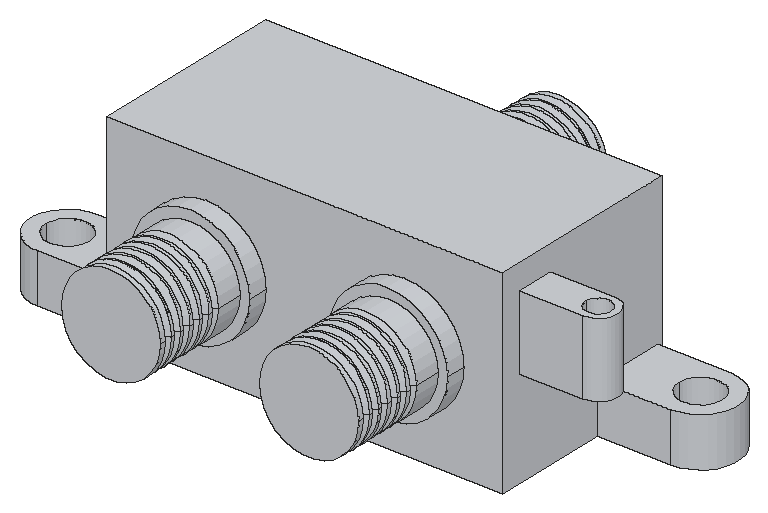
Revit family "Repetidor 204 ", category Aparatos eléctricos, Revit 2019 (continued)
Automatic sketch dimensions
  curve 89 to curve 104 = 0.156 mm
  curve 104 to curve 94 = 0.155 mm
  curve 84 to curve 87 = 0.343 mm
  curve 87 to curve 103 = 0.398 mm
  curve 110 to curve 108 = 0.154 mm
  curve 107 to curve 104 = 0.427 mm
  curve 107 to curve 105 = 0.436 mm
  curve 104 to curve 110 = 0.091 mm
  curve 115 to curve 115 = 0.038 mm
  curve 107 to curve 107 = 0.594 mm
  curve 107 to curve 112 = 0.109 mm
  curve 112 to curve 113 = 1.055 mm
  curve 106 to curve 89 = 0.218 mm
  curve 90 to curve 92 = 0.279 mm
  curve 93 to curve 86 = 0.647 mm
  curve 85 to curve 82 = 0.631 mm
  curve 83 to curve 80 = 0.081 mm
  curve 81 to curve 85 = 0.511 mm
  curve 84 to curve 103 = 0.00 mm
  curve 84 to curve 98 = 0.224 mm
  curve 83 to curve 99 = 0.723 mm
  curve 88 to curve 101 = 0.343 mm
  curve 467 to curve 487 = 0.00 mm  (x2)
  curve 469 to curve 484 = 0.00 mm  (x2)
  curve 492 to curve 492 = 0.156 mm
  curve 479 to curve 467 = 0.739 mm
  curve 492 to curve 499 = 0.673 mm
  curve 498 to curve 494 = 0.262 mm
  curve 467 to curve 470 = 0.885 mm
  curve 470 to curve 486 = 0.109 mm
  curve 494 to curve 498 = 0.594 mm
  curve 494 to curve 497 = 0.00 mm
  curve 494 to curve 500 = 0.615 mm
  curve 500 to curve 501 = 0.056 mm
  curve 482 to curve 484 = 0.427 mm
  curve 493 to curve 495 = 0.46 mm
  curve 495 to curve 502 = 0.038 mm
  curve 502 to curve 497 = 0.038 mm
  curve 469 to curve 483 = 0.427 mm
  curve 483 to curve 485 = 0.109 mm
  curve 468 to curve 489 = 0.107 mm
  curve 493 to curve 477 = 1.374 mm
  curve 468 to curve 472 = 0.508 mm
  curve 476 to curve 491 = 0.156 mm
  curve 491 to curve 481 = 0.155 mm
  curve 471 to curve 474 = 0.343 mm
  curve 474 to curve 490 = 0.398 mm
  curve 497 to curve 495 = 0.154 mm
  curve 494 to curve 491 = 0.427 mm
  curve 494 to curve 492 = 0.436 mm
  curve 491 to curve 497 = 0.091 mm
  curve 502 to curve 502 = 0.038 mm
  curve 494 to curve 494 = 0.594 mm
  curve 494 to curve 499 = 0.109 mm
  curve 499 to curve 500 = 1.055 mm
  curve 493 to curve 476 = 0.218 mm
  curve 477 to curve 479 = 0.279 mm
  curve 480 to curve 473 = 0.647 mm
  curve 472 to curve 469 = 0.631 mm
  curve 470 to curve 467 = 0.081 mm
  curve 468 to curve 472 = 0.511 mm
  curve 471 to curve 490 = 0.00 mm
  curve 471 to curve 485 = 0.224 mm
  curve 470 to curve 486 = 0.723 mm
  curve 475 to curve 488 = 0.343 mm
  curve 66 to curve 69 = 0.11 mm
  curve 55 to curve 65 = 0.506 mm
  curve 65 to curve 79 = 0.148 mm
  curve 55 to curve 73 = 0.659 mm
  curve 73 to curve 71 = 0.265 mm
  curve 79 to curve 54 = 0.234 mm
  curve 62 to curve 62 = 0.148 mm
  curve 61 to curve 53 = 0.043 mm
  curve 61 to curve 63 = 0.08 mm
  curve 63 to curve 46 = 0.08 mm
  curve 59 to curve 72 = 0.601 mm
  curve 59 to curve 72 = 0.00 mm
  curve 59 to curve 74 = 0.625 mm
  curve 75 to curve 76 = 0.055 mm
  curve 46 to curve 52 = 0.211 mm
  curve 62 to curve 46 = 0.582 mm
  curve 47 to curve 52 = 0.187 mm
  curve 58 to curve 60 = 0.468 mm
  curve 77 to curve 77 = 0.039 mm  (x2)
  curve 64 to curve 64 = 0.09 mm
  curve 77 to curve 72 = 0.039 mm
  curve 52 to curve 47 = 0.125 mm
  curve 52 to curve 50 = 0.578 mm
  curve 50 to curve 49 = 0.155 mm
  curve 50 to curve 48 = 0.283 mm
  curve 49 to curve 48 = 0.156 mm
  curve 48 to curve 56 = 0.515 mm
  curve 57 to curve 70 = 0.11 mm
  curve 51 to curve 54 = 0.00 mm
  curve 62 to curve 46 = 0.087 mm
  curve 46 to curve 47 = 0.137 mm
  curve 47 to curve 52 = 0.199 mm
  curve 64 to curve 64 = 0.042 mm
  curve 64 to curve 63 = 0.629 mm
  curve 63 to curve 53 = 0.074 mm
  curve 63 to curve 54 = 0.198 mm
  curve 52 to curve 50 = 0.03 mm
  curve 49 to curve 48 = 0.007 mm
  curve 54 to curve 79 = 0.17 mm
  curve 79 to curve 67 = 0.368 mm
  curve 68 to curve 56 = 0.22 mm
  curve 52 to curve 73 = 1.265 mm
  curve 72 to curve 60 = 0.155 mm
  curve 59 to curve 72 = 0.524 mm
  curve 59 to curve 59 = 0.601 mm
  curve 71 to curve 75 = 0.11 mm
  curve 72 to curve 57 = 0.344 mm
  curve 73 to curve 55 = 0.166 mm
  curve 74 to curve 76 = 0.792 mm
  curve 453 to curve 456 = 0.11 mm
  curve 442 to curve 452 = 0.506 mm
  curve 452 to curve 466 = 0.148 mm
  curve 442 to curve 460 = 0.659 mm
  curve 460 to curve 458 = 0.265 mm
  curve 466 to curve 441 = 0.234 mm
  curve 449 to curve 449 = 0.148 mm
  curve 448 to curve 440 = 0.043 mm
  curve 448 to curve 450 = 0.08 mm
  curve 450 to curve 433 = 0.08 mm
  curve 446 to curve 459 = 0.601 mm
  curve 446 to curve 459 = 0.00 mm
  curve 446 to curve 461 = 0.625 mm
  curve 462 to curve 463 = 0.055 mm
  curve 433 to curve 439 = 0.211 mm
  curve 449 to curve 433 = 0.582 mm
  curve 434 to curve 439 = 0.187 mm
  curve 445 to curve 447 = 0.468 mm
  curve 464 to curve 464 = 0.039 mm  (x2)
  curve 451 to curve 451 = 0.09 mm
  curve 464 to curve 459 = 0.039 mm
  curve 439 to curve 434 = 0.125 mm
  curve 439 to curve 437 = 0.578 mm
  curve 437 to curve 436 = 0.155 mm
  curve 437 to curve 435 = 0.283 mm
  curve 436 to curve 435 = 0.156 mm
  curve 435 to curve 443 = 0.515 mm
  curve 444 to curve 457 = 0.11 mm
  curve 438 to curve 441 = 0.00 mm
  curve 449 to curve 433 = 0.087 mm
  curve 433 to curve 434 = 0.137 mm
  curve 434 to curve 439 = 0.199 mm
  curve 451 to curve 451 = 0.042 mm
  curve 451 to curve 450 = 0.629 mm
  curve 450 to curve 440 = 0.074 mm
  curve 450 to curve 441 = 0.198 mm
  curve 439 to curve 437 = 0.03 mm
  curve 436 to curve 435 = 0.007 mm
  curve 441 to curve 466 = 0.17 mm
  curve 466 to curve 454 = 0.368 mm
  curve 455 to curve 443 = 0.22 mm
  curve 439 to curve 460 = 1.265 mm
  curve 459 to curve 447 = 0.155 mm
  curve 446 to curve 459 = 0.524 mm
  curve 446 to curve 446 = 0.601 mm
  curve 458 to curve 462 = 0.11 mm
  curve 459 to curve 444 = 0.344 mm
  curve 460 to curve 442 = 0.166 mm
  curve 461 to curve 463 = 0.792 mm
  curve 232 to curve 228 = 0.00 mm
  curve 232 to curve 40 = 0.016 mm
  curve 228 to curve 225 = 0.302 mm
  curve 39 to curve 35 = 0.601 mm
  curve 225 to curve 225 = 0.436 mm
  curve 224 to curve 231 = 0.17 mm
  curve 230 to curve 234 = 0.038 mm
  curve 224 to curve 235 = 0.306 mm
  curve 234 to curve 223 = 0.075 mm
  curve 223 to curve 235 = 0.439 mm
  curve 235 to curve 238 = 0.289 mm
  curve 35 to curve 116 = 1.351 mm
  curve 238 to curve 237 = 0.16 mm
  curve 238 to curve 239 = 0.299 mm
  curve 236 to curve 247 = 0.215 mm
  curve 241 to curve 241 = 0.441 mm
  curve 45 to curve 42 = 0.99 mm
  curve 42 to curve 44 = 0.019 mm
  curve 43 to curve 34 = 1.158 mm
  curve 34 to curve 40 = 0.037 mm
  curve 242 to curve 243 = 0.376 mm
  curve 244 to curve 248 = 0.436 mm
  curve 245 to curve 251 = 0.175 mm
  curve 251 to curve 253 = 0.278 mm
  curve 251 to curve 252 = 0.298 mm
  curve 251 to curve 250 = 0.311 mm
  curve 250 to curve 257 = 0.096 mm
  curve 253 to curve 253 = 0.575 mm
  curve 254 to curve 254 = 0.011 mm
  curve 254 to curve 255 = 0.011 mm
  curve 255 to curve 264 = 0.298 mm
  curve 253 to curve 260 = 0.51 mm
  curve 260 to curve 261 = 0.281 mm
  curve 261 to curve 37 = 0.013 mm
  curve 266 to curve 259 = 0.033 mm
  curve 259 to curve 258 = 0.054 mm
  curve 262 to curve 266 = 0.17 mm
  curve 34 to curve 44 = 2.531 mm
  curve 261 to curve 38 = 0.635 mm
  curve 265 to curve 265 = 0.681 mm
  curve 236 to curve 242 = 0.012 mm
  curve 243 to curve 258 = 0.03 mm
  curve 264 to curve 258 = 0.00 mm
  curve 238 to curve 227 = 0.042 mm
  curve 238 to curve 223 = 0.042 mm
  curve 250 to curve 257 = 0.275 mm
  curve 258 to curve 265 = 0.303 mm
  curve 266 to curve 259 = 0.009 mm
  curve 257 to curve 250 = 0.036 mm
  curve 257 to curve 256 = 0.119 mm
  curve 259 to curve 262 = 0.156 mm
  curve 226 to curve 226 = 0.615 mm
  curve 225 to curve 225 = 0.004 mm
  curve 224 to curve 235 = 0.027 mm
  curve 254 to curve 254 = 0.375 mm
  curve 225 to curve 228 = 0.307 mm
  curve 229 to curve 230 = 0.187 mm
  curve 230 to curve 234 = 0.014 mm
  curve 252 to curve 242 = 0.257 mm
  curve 252 to curve 248 = 0.257 mm
  curve 241 to curve 239 = 0.006 mm
  curve 236 to curve 237 = 0.275 mm
  curve 253 to curve 262 = 0.317 mm
  curve 245 to curve 248 = 0.376 mm
  curve 261 to curve 38 = 0.26 mm
  curve 233 to curve 35 = 0.626 mm
  curve 246 to curve 44 = 1.018 mm
  curve 44 to curve 43 = 1.028 mm
  curve 42 to curve 45 = 0.209 mm
  curve 45 to curve 116 = 0.452 mm
  curve 43 to curve 42 = 2.398 mm
  curve 43 to curve 35 = 2.069 mm
  curve 34 to curve 41 = 0.639 mm
  curve 43 to curve 34 = 1.152 mm
  curve 34 to curve 37 = 0.202 mm
  curve 34 to curve 41 = 0.246 mm
  curve 263 to curve 254 = 0.247 mm
  curve 41 to curve 38 = 0.166 mm
  curve 254 to curve 263 = 0.098 mm
  curve 263 to curve 254 = 0.036 mm
  curve 397 to curve 393 = 0.00 mm
  curve 397 to curve 381 = 0.016 mm
  curve 393 to curve 390 = 0.302 mm
  curve 380 to curve 376 = 0.601 mm
  curve 390 to curve 390 = 0.436 mm
  curve 389 to curve 396 = 0.17 mm
  curve 395 to curve 399 = 0.038 mm
  curve 389 to curve 400 = 0.306 mm
  curve 399 to curve 388 = 0.075 mm
  curve 388 to curve 400 = 0.439 mm
  curve 400 to curve 403 = 0.289 mm
  curve 376 to curve 387 = 1.351 mm
  curve 403 to curve 402 = 0.16 mm
  curve 403 to curve 404 = 0.299 mm
  curve 401 to curve 412 = 0.215 mm
  curve 406 to curve 406 = 0.441 mm
  curve 386 to curve 383 = 0.99 mm
  curve 383 to curve 385 = 0.019 mm
  curve 384 to curve 375 = 1.158 mm
  curve 375 to curve 381 = 0.037 mm
  curve 407 to curve 408 = 0.376 mm
  curve 409 to curve 413 = 0.436 mm
  curve 410 to curve 416 = 0.175 mm
  curve 416 to curve 418 = 0.278 mm
  curve 416 to curve 417 = 0.298 mm
  curve 416 to curve 415 = 0.311 mm
  curve 415 to curve 422 = 0.096 mm
  curve 418 to curve 418 = 0.575 mm
  curve 419 to curve 419 = 0.011 mm
  curve 419 to curve 420 = 0.011 mm
  curve 420 to curve 429 = 0.298 mm
  curve 418 to curve 425 = 0.51 mm
  curve 425 to curve 426 = 0.281 mm
  curve 426 to curve 378 = 0.013 mm
  curve 431 to curve 424 = 0.033 mm
  curve 424 to curve 423 = 0.054 mm
  curve 427 to curve 431 = 0.17 mm
  curve 375 to curve 385 = 2.531 mm
  curve 426 to curve 379 = 0.635 mm
  curve 430 to curve 430 = 0.681 mm
  curve 401 to curve 407 = 0.012 mm
  curve 408 to curve 423 = 0.03 mm
  curve 429 to curve 423 = 0.00 mm
  curve 403 to curve 392 = 0.042 mm
  curve 403 to curve 388 = 0.042 mm
  curve 415 to curve 422 = 0.275 mm
  curve 423 to curve 430 = 0.303 mm
  curve 431 to curve 424 = 0.009 mm
  curve 422 to curve 415 = 0.036 mm
  curve 422 to curve 421 = 0.119 mm
  curve 424 to curve 427 = 0.156 mm
  curve 391 to curve 391 = 0.615 mm
  curve 390 to curve 390 = 0.004 mm
  curve 389 to curve 400 = 0.027 mm
  curve 419 to curve 419 = 0.375 mm
  curve 390 to curve 393 = 0.307 mm
  curve 394 to curve 395 = 0.187 mm
  curve 395 to curve 399 = 0.014 mm
  curve 417 to curve 407 = 0.257 mm
  curve 417 to curve 413 = 0.257 mm
  curve 406 to curve 404 = 0.006 mm
  curve 401 to curve 402 = 0.275 mm
  curve 418 to curve 427 = 0.317 mm
  curve 410 to curve 413 = 0.376 mm
  curve 426 to curve 379 = 0.26 mm
  curve 398 to curve 376 = 0.626 mm
  curve 411 to curve 385 = 1.018 mm
  curve 385 to curve 384 = 1.028 mm
  curve 383 to curve 386 = 0.209 mm
  curve 386 to curve 387 = 0.452 mm
  curve 384 to curve 383 = 2.398 mm
  curve 384 to curve 376 = 2.069 mm
  curve 375 to curve 382 = 0.639 mm
  curve 384 to curve 375 = 1.152 mm
  curve 375 to curve 378 = 0.202 mm
  curve 375 to curve 382 = 0.246 mm
  curve 428 to curve 419 = 0.247 mm
  curve 382 to curve 379 = 0.166 mm
  curve 419 to curve 428 = 0.098 mm
  curve 428 to curve 419 = 0.036 mm
  curve 31 to plane 9 "Centro I/W" = 0.00 mm
  plane 10 "Centro I/X" to curve 32 = 0.00 mm
  curve 32 to plane 12 "Centro I/Z" = 0.00 mm
  curve 33 to plane 11 "Centro I/Y" = 0.00 mm
  curve 515 to curve 510 = 0.208 mm
  curve 510 to curve 513 = 0.316 mm
  curve 515 to curve 514 = 0.598 mm
  curve 514 to curve 506 = 0.081 mm
  curve 513 to curve 512 = 1.141 mm
  curve 512 to curve 508 = 0.048 mm
  curve 512 to curve 507 = 0.139 mm
  curve 512 to curve 509 = 0.148 mm
  curve 507 to curve 505 = 0.393 mm
  curve 505 to curve 604 = 3.568 mm
  curve 603 to curve 602 = 0.435 mm
  curve 603 to curve 608 = 0.052 mm
  curve 603 to curve 604 = 0.478 mm
  curve 604 to curve 605 = 0.419 mm
  curve 605 to curve 609 = 0.00 mm
  curve 608 to curve 613 = 0.071 mm
  curve 607 to curve 607 = 0.236 mm
  curve 605 to curve 606 = 0.534 mm
  curve 607 to curve 606 = 0.236 mm
  curve 503 to curve 607 = 0.236 mm
  curve 607 to curve 606 = 0.001 mm
  curve 504 to curve 504 = 0.294 mm
  curve 613 to curve 602 = 0.45 mm
  curve 505 to curve 506 = 0.203 mm
  curve 514 to curve 507 = 0.05 mm
  curve 514 to curve 515 = 0.003 mm
  curve 505 to curve 507 = 0.539 mm
  curve 602 to curve 609 = 0.448 mm
  curve 608 to curve 603 = 0.017 mm
  curve 508 to curve 513 = 0.552 mm
  curve 512 to curve 512 = 0.241 mm
  curve 512 to curve 508 = 0.011 mm
  curve 608 to curve 610 = 1.005 mm
  curve 609 to curve 605 = 0.067 mm
  curve 605 to curve 606 = 0.044 mm
  curve 503 to curve 612 = 1.98 mm
  curve 612 to curve 611 = 0.01 mm
  curve 612 to curve 611 = 0.00 mm
  curve 503 to curve 612 = 0.00 mm
  curve 611 to curve 612 = 0.645 mm
  curve 611 to curve 612 = 0.00 mm
  curve 626 to curve 621 = 0.208 mm
  curve 621 to curve 624 = 0.316 mm
  curve 626 to curve 625 = 0.598 mm
  curve 625 to curve 617 = 0.081 mm
  curve 624 to curve 623 = 1.141 mm
  curve 623 to curve 619 = 0.048 mm
  curve 623 to curve 618 = 0.139 mm
  curve 623 to curve 620 = 0.148 mm
  curve 618 to curve 616 = 0.393 mm
  curve 616 to curve 592 = 3.568 mm
  curve 591 to curve 590 = 0.435 mm
  curve 591 to curve 596 = 0.052 mm
  curve 591 to curve 592 = 0.478 mm
  curve 592 to curve 593 = 0.419 mm
  curve 593 to curve 597 = 0.00 mm
  curve 596 to curve 601 = 0.071 mm
  curve 595 to curve 595 = 0.236 mm
  curve 593 to curve 594 = 0.534 mm
  curve 595 to curve 594 = 0.236 mm
  curve 614 to curve 595 = 0.236 mm
  curve 595 to curve 594 = 0.001 mm
  curve 615 to curve 615 = 0.294 mm
  curve 601 to curve 590 = 0.45 mm
  curve 616 to curve 617 = 0.203 mm
  curve 625 to curve 618 = 0.05 mm
  curve 625 to curve 626 = 0.003 mm
  curve 616 to curve 618 = 0.539 mm
  curve 590 to curve 597 = 0.448 mm
  curve 596 to curve 591 = 0.017 mm
  curve 619 to curve 624 = 0.552 mm
  curve 623 to curve 623 = 0.241 mm
  curve 623 to curve 619 = 0.011 mm
  curve 596 to curve 598 = 1.005 mm
  curve 597 to curve 593 = 0.067 mm
  curve 593 to curve 594 = 0.044 mm
  curve 614 to curve 600 = 1.98 mm
  curve 600 to curve 599 = 0.01 mm
  curve 600 to curve 599 = 0.00 mm
  curve 614 to curve 600 = 0.00 mm
  curve 599 to curve 600 = 0.645 mm
  curve 599 to curve 600 = 0.00 mm
  curve 574 to curve 572 = 0.00 mm
  curve 570 to curve 569 = 0.531 mm
  curve 568 to curve 568 = 0.766 mm
  curve 567 to curve 574 = 0.298 mm
  curve 573 to curve 577 = 0.066 mm
  curve 567 to curve 578 = 0.538 mm
  curve 578 to curve 566 = 0.073 mm
  curve 566 to curve 566 = 0.754 mm
  curve 577 to curve 558 = 2.514 mm
  curve 558 to curve 559 = 0.006 mm
  curve 558 to curve 557 = 0.074 mm
  curve 559 to curve 560 = 0.08 mm
  curve 559 to curve 562 = 0.152 mm
  curve 558 to curve 554 = 0.158 mm
  curve 553 to curve 553 = 1.268 mm
  curve 560 to curve 565 = 0.00 mm
  curve 557 to curve 565 = 0.00 mm
  curve 555 to curve 586 = 0.773 mm
  curve 560 to curve 580 = 0.773 mm
  curve 581 to curve 582 = 0.408 mm
  curve 582 to curve 583 = 0.008 mm
  curve 582 to curve 589 = 0.181 mm
  curve 583 to curve 588 = 1.195 mm
  curve 588 to curve 584 = 0.054 mm
  curve 588 to curve 585 = 0.054 mm
  curve 569 to curve 566 = 0.00 mm
  curve 566 to curve 581 = 0.00 mm
  curve 560 to curve 580 = 0.00 mm
  curve 561 to curve 561 = 0.266 mm
  curve 562 to curve 559 = 0.163 mm
  curve 559 to curve 563 = 0.141 mm
  curve 569 to curve 569 = 0.985 mm
  curve 568 to curve 567 = 0.007 mm
  curve 567 to curve 578 = 0.047 mm
  curve 579 to curve 589 = 1.048 mm
  curve 579 to curve 581 = 0.12 mm
  curve 564 to curve 565 = 0.239 mm
  curve 568 to curve 571 = 0.54 mm
  curve 573 to curve 573 = 0.329 mm
  curve 583 to curve 584 = 0.299 mm
  curve 573 to curve 577 = 0.025 mm
  curve 584 to curve 588 = 0.017 mm
  curve 553 to curve 554 = 0.295 mm
  curve 558 to curve 555 = 0.146 mm
  curve 585 to curve 586 = 0.569 mm
  curve 555 to curve 556 = 0.263 mm
  curve 537 to curve 535 = 0.00 mm
  curve 533 to curve 532 = 0.531 mm
  curve 531 to curve 531 = 0.766 mm
  curve 530 to curve 537 = 0.298 mm
  curve 536 to curve 540 = 0.066 mm
  curve 530 to curve 541 = 0.538 mm
  curve 541 to curve 529 = 0.073 mm
  curve 529 to curve 529 = 0.754 mm
  curve 540 to curve 521 = 2.514 mm
  curve 521 to curve 522 = 0.006 mm
  curve 521 to curve 520 = 0.074 mm
  curve 522 to curve 523 = 0.08 mm
  curve 522 to curve 525 = 0.152 mm
  curve 521 to curve 517 = 0.158 mm
  curve 516 to curve 516 = 1.268 mm
  curve 523 to curve 528 = 0.00 mm
  curve 520 to curve 528 = 0.00 mm
  curve 518 to curve 549 = 0.773 mm
  curve 523 to curve 543 = 0.773 mm
  curve 544 to curve 545 = 0.408 mm
  curve 545 to curve 546 = 0.008 mm
  curve 545 to curve 552 = 0.181 mm
  curve 546 to curve 551 = 1.195 mm
  curve 551 to curve 547 = 0.054 mm
  curve 551 to curve 548 = 0.054 mm
  curve 532 to curve 529 = 0.00 mm
  curve 529 to curve 544 = 0.00 mm
  curve 523 to curve 543 = 0.00 mm
  curve 524 to curve 524 = 0.266 mm
  curve 525 to curve 522 = 0.163 mm
  curve 522 to curve 526 = 0.141 mm
  curve 532 to curve 532 = 0.985 mm
  curve 531 to curve 530 = 0.007 mm
  curve 530 to curve 541 = 0.047 mm
  curve 542 to curve 552 = 1.048 mm
  curve 542 to curve 544 = 0.12 mm
  curve 527 to curve 528 = 0.239 mm
  curve 531 to curve 534 = 0.54 mm
  curve 536 to curve 536 = 0.329 mm
  curve 546 to curve 547 = 0.299 mm
  curve 536 to curve 540 = 0.025 mm
  curve 547 to curve 551 = 0.017 mm
  curve 516 to curve 517 = 0.295 mm
  curve 521 to curve 518 = 0.146 mm
  curve 548 to curve 549 = 0.569 mm
  curve 518 to curve 519 = 0.263 mm
  curve 661 to curve 659 = 0.998 mm
  curve 657 to curve 656 = 0.806 mm
  curve 655 to curve 655 = 1.162 mm  (x2)
  curve 654 to curve 661 = 1.863 mm
  curve 660 to curve 664 = 0.108 mm  (x2)
  curve 654 to curve 665 = 0.819 mm  (x2)
  curve 665 to curve 653 = 1.58 mm
  curve 653 to curve 653 = 1.143 mm
  curve 664 to curve 645 = 3.824 mm
  curve 645 to curve 646 = 2.075 mm
  curve 645 to curve 644 = 1.026 mm
  curve 646 to curve 647 = 1.062 mm
  curve 646 to curve 649 = 0.338 mm
  curve 645 to curve 641 = 0.329 mm
  curve 640 to curve 640 = 1.924 mm
  curve 647 to curve 652 = 1.73 mm
  curve 644 to curve 652 = 1.695 mm
  curve 642 to curve 673 = 1.175 mm
  curve 647 to curve 667 = 1.173 mm  (x2)
  curve 668 to curve 669 = 0.619 mm  (x2)
  curve 669 to curve 670 = 0.619 mm
  curve 669 to curve 676 = 0.329 mm
  curve 670 to curve 675 = 1.876 mm
  curve 675 to curve 671 = 0.086 mm
  curve 675 to curve 672 = 0.435 mm
  curve 656 to curve 653 = 2.089 mm
  curve 653 to curve 668 = 5.634 mm
  curve 648 to curve 648 = 0.404 mm  (x2)
  curve 649 to curve 646 = 0.338 mm
  curve 646 to curve 650 = 0.314 mm
  curve 656 to curve 656 = 1.494 mm
  curve 655 to curve 654 = 1.162 mm
  curve 666 to curve 676 = 2.221 mm
  curve 666 to curve 668 = 0.912 mm
  curve 651 to curve 652 = 0.363 mm  (x2)
  curve 655 to curve 658 = 1.149 mm
  curve 660 to curve 660 = 0.499 mm  (x2)
  curve 670 to curve 671 = 0.454 mm  (x2)
  curve 671 to curve 675 = 0.086 mm
  curve 640 to curve 641 = 0.448 mm  (x2)
  curve 645 to curve 642 = 0.326 mm
  curve 672 to curve 673 = 0.863 mm  (x2)
  curve 642 to curve 643 = 0.399 mm  (x2)
  curve 663 to curve 658 = 0.00 mm
  curve 659 to curve 655 = 0.806 mm
  curve 655 to curve 661 = 0.453 mm
  curve 660 to curve 664 = 0.101 mm
  curve 654 to curve 665 = 0.815 mm
  curve 665 to curve 653 = 0.111 mm
  curve 653 to curve 665 = 1.143 mm
  curve 664 to curve 645 = 3.814 mm
  curve 645 to curve 646 = 0.008 mm
  curve 645 to curve 644 = 0.113 mm
  curve 646 to curve 647 = 0.121 mm
  curve 645 to curve 642 = 0.239 mm
  curve 646 to curve 649 = 0.231 mm
  curve 649 to curve 649 = 1.924 mm
  curve 645 to curve 644 = 2.051 mm
  curve 640 to curve 643 = 0.00 mm
  curve 643 to curve 673 = 1.173 mm
  curve 647 to curve 668 = 1.173 mm
  curve 669 to curve 670 = 0.012 mm
  curve 669 to curve 676 = 0.275 mm
  curve 670 to curve 675 = 1.813 mm
  curve 675 to curve 671 = 0.082 mm
  curve 675 to curve 672 = 0.082 mm
  curve 676 to curve 627 = 3.231 mm
  curve 639 to curve 633 = 0.316 mm
  curve 634 to curve 637 = 0.48 mm
  curve 637 to curve 638 = 0.112 mm
  curve 638 to curve 630 = 0.124 mm
  curve 638 to curve 635 = 1.73 mm
  curve 636 to curve 632 = 0.073 mm
  curve 636 to curve 631 = 0.21 mm
  curve 636 to curve 633 = 0.224 mm
  curve 632 to curve 629 = 0.597 mm
  curve 628 to curve 679 = 5.412 mm
  curve 679 to curve 677 = 0.66 mm
  curve 678 to curve 683 = 0.078 mm
  curve 678 to curve 679 = 0.725 mm
  curve 679 to curve 680 = 0.635 mm
  curve 680 to curve 684 = 0.00 mm
  curve 683 to curve 688 = 0.108 mm
  curve 688 to curve 682 = 0.358 mm
  curve 680 to curve 681 = 0.81 mm
  curve 682 to curve 681 = 0.358 mm
  curve 668 to curve 627 = 0.00 mm
  curve 665 to curve 667 = 0.00 mm
  curve 658 to curve 653 = 0.00 mm
  curve 647 to curve 667 = 0.00 mm
  curve 628 to curve 682 = 0.358 mm
  curve 682 to curve 688 = 0.002 mm
  curve 628 to curve 628 = 0.447 mm
  curve 688 to curve 677 = 0.682 mm
  curve 649 to curve 646 = 0.248 mm
  curve 629 to curve 630 = 0.308 mm
  curve 646 to curve 650 = 0.214 mm
  curve 638 to curve 631 = 0.076 mm
  curve 638 to curve 639 = 0.004 mm
  curve 656 to curve 655 = 1.494 mm
  curve 655 to curve 655 = 0.01 mm
  curve 654 to curve 665 = 0.072 mm
  curve 666 to curve 666 = 1.59 mm
  curve 629 to curve 631 = 0.818 mm
  curve 677 to curve 684 = 0.679 mm
  curve 683 to curve 678 = 0.026 mm
  curve 666 to curve 668 = 0.182 mm
  curve 655 to curve 658 = 0.819 mm
  curve 631 to curve 637 = 0.838 mm
  curve 660 to curve 664 = 0.038 mm
  curve 671 to curve 675 = 0.026 mm
  curve 636 to curve 636 = 0.366 mm
  curve 636 to curve 632 = 0.017 mm
  curve 645 to curve 642 = 0.221 mm
  curve 683 to curve 684 = 1.524 mm
  curve 684 to curve 680 = 0.101 mm
  curve 680 to curve 681 = 0.067 mm
  curve 627 to curve 687 = 3.004 mm
  curve 687 to curve 686 = 0.015 mm
  curve 687 to curve 686 = 0.00 mm
  curve 627 to curve 687 = 0.00 mm
  curve 686 to curve 687 = 0.979 mm
  curve 686 to curve 687 = 0.00 mm
  curve 737 to curve 732 = 0.00 mm
  curve 733 to curve 729 = 0.806 mm
  curve 729 to curve 729 = 1.162 mm
  curve 729 to curve 735 = 0.453 mm
  curve 734 to curve 738 = 0.101 mm
  curve 728 to curve 739 = 0.815 mm
  curve 739 to curve 727 = 0.111 mm
  curve 727 to curve 739 = 1.143 mm
  curve 738 to curve 719 = 3.814 mm
  curve 719 to curve 720 = 0.008 mm
  curve 719 to curve 718 = 0.113 mm
  curve 720 to curve 721 = 0.121 mm
  curve 719 to curve 716 = 0.239 mm
  curve 720 to curve 723 = 0.231 mm
  curve 723 to curve 723 = 1.924 mm
  curve 719 to curve 718 = 2.051 mm
  curve 714 to curve 717 = 0.00 mm
  curve 717 to curve 747 = 1.173 mm
  curve 721 to curve 742 = 1.173 mm
  curve 742 to curve 743 = 0.619 mm
  curve 743 to curve 744 = 0.012 mm
  curve 743 to curve 750 = 0.275 mm
  curve 744 to curve 749 = 1.813 mm
  curve 749 to curve 745 = 0.082 mm
  curve 749 to curve 746 = 0.082 mm
  curve 750 to curve 701 = 3.231 mm
  curve 713 to curve 707 = 0.316 mm
  curve 708 to curve 711 = 0.48 mm
  curve 711 to curve 712 = 0.112 mm
  curve 712 to curve 704 = 0.124 mm
  curve 712 to curve 709 = 1.73 mm
  curve 710 to curve 706 = 0.073 mm
  curve 710 to curve 705 = 0.21 mm
  curve 710 to curve 707 = 0.224 mm
  curve 706 to curve 703 = 0.597 mm
  curve 702 to curve 691 = 5.412 mm
  curve 691 to curve 689 = 0.66 mm
  curve 690 to curve 695 = 0.078 mm
  curve 690 to curve 691 = 0.725 mm
  curve 691 to curve 692 = 0.635 mm
  curve 692 to curve 696 = 0.00 mm
  curve 695 to curve 700 = 0.108 mm
  curve 700 to curve 694 = 0.358 mm
  curve 692 to curve 693 = 0.81 mm
  curve 694 to curve 693 = 0.358 mm
  curve 742 to curve 701 = 0.00 mm
  curve 739 to curve 741 = 0.00 mm
  curve 732 to curve 727 = 0.00 mm
  curve 721 to curve 741 = 0.00 mm
  curve 702 to curve 694 = 0.358 mm
  curve 694 to curve 700 = 0.002 mm
  curve 722 to curve 722 = 0.404 mm
  curve 702 to curve 702 = 0.447 mm
  curve 700 to curve 689 = 0.682 mm
  curve 723 to curve 720 = 0.248 mm
  curve 703 to curve 704 = 0.308 mm
  curve 720 to curve 724 = 0.214 mm
  curve 712 to curve 705 = 0.076 mm
  curve 712 to curve 713 = 0.004 mm
  curve 730 to curve 729 = 1.494 mm
  curve 729 to curve 729 = 0.01 mm
  curve 728 to curve 739 = 0.072 mm
  curve 740 to curve 740 = 1.59 mm
  curve 703 to curve 705 = 0.818 mm
  curve 689 to curve 696 = 0.679 mm
  curve 695 to curve 690 = 0.026 mm
  curve 740 to curve 742 = 0.182 mm
  curve 725 to curve 726 = 0.363 mm
  curve 729 to curve 732 = 0.819 mm
  curve 705 to curve 711 = 0.838 mm
  curve 734 to curve 734 = 0.499 mm
  curve 744 to curve 745 = 0.454 mm
  curve 734 to curve 738 = 0.038 mm
  curve 745 to curve 749 = 0.026 mm
  curve 714 to curve 715 = 0.448 mm
  curve 710 to curve 710 = 0.366 mm
  curve 710 to curve 706 = 0.017 mm
  curve 719 to curve 716 = 0.221 mm
  curve 695 to curve 696 = 1.524 mm
  curve 746 to curve 747 = 0.863 mm
  curve 696 to curve 692 = 0.101 mm
  curve 692 to curve 693 = 0.067 mm
  curve 716 to curve 717 = 0.399 mm
  curve 701 to curve 699 = 3.004 mm
  curve 699 to curve 698 = 0.015 mm
  curve 699 to curve 698 = 0.00 mm
  curve 701 to curve 699 = 0.00 mm
  curve 698 to curve 699 = 0.979 mm
  curve 698 to curve 699 = 0.00 mm
  curve 751 to curve 771 = 0.00 mm  (x2)
  curve 753 to curve 768 = 0.00 mm  (x2)
  curve 776 to curve 776 = 0.156 mm
  curve 763 to curve 751 = 0.739 mm
  curve 776 to curve 783 = 0.673 mm
  curve 782 to curve 778 = 0.262 mm
  curve 751 to curve 754 = 0.885 mm
  curve 754 to curve 770 = 0.109 mm
  curve 778 to curve 782 = 0.594 mm
  curve 778 to curve 781 = 0.00 mm
  curve 778 to curve 784 = 0.615 mm
  curve 784 to curve 785 = 0.056 mm
  curve 766 to curve 768 = 0.427 mm
  curve 777 to curve 779 = 0.46 mm
  curve 779 to curve 786 = 0.038 mm
  curve 786 to curve 781 = 0.038 mm
  curve 753 to curve 767 = 0.427 mm
  curve 767 to curve 769 = 0.109 mm
  curve 752 to curve 773 = 0.107 mm
  curve 777 to curve 761 = 1.374 mm
  curve 752 to curve 756 = 0.508 mm
  curve 760 to curve 775 = 0.156 mm
  curve 775 to curve 765 = 0.155 mm
  curve 755 to curve 758 = 0.343 mm
  curve 758 to curve 774 = 0.398 mm
  curve 781 to curve 779 = 0.154 mm
  curve 778 to curve 775 = 0.427 mm
  curve 778 to curve 776 = 0.436 mm
  curve 775 to curve 781 = 0.091 mm
  curve 786 to curve 786 = 0.038 mm
  curve 778 to curve 778 = 0.594 mm
  curve 778 to curve 783 = 0.109 mm
  curve 783 to curve 784 = 1.055 mm
  curve 777 to curve 760 = 0.218 mm
  curve 761 to curve 763 = 0.279 mm
  curve 764 to curve 757 = 0.647 mm
  curve 756 to curve 753 = 0.631 mm
  curve 754 to curve 751 = 0.081 mm
  curve 752 to curve 756 = 0.511 mm
  curve 755 to curve 774 = 0.00 mm
  curve 755 to curve 769 = 0.224 mm
  curve 754 to curve 770 = 0.723 mm
  curve 759 to curve 772 = 0.343 mm
  radius of Extrusion 8 sketch curve = 5.00 mm
  radius of Extrusion 9 sketch curve = 6.00 mm
  radius of Extrusion 10 sketch curve = 1.304 mm
  radius of Extrusion 11 sketch curve = 2.25 mm
  radius of Extrusion 12 sketch curve = 2.25 mm
  radius of Extrusion 13 sketch curve = 1.304 mm
  radius of Extrusion 14 sketch curve = 2.25 mm
  radius of Extrusion 4 sketch curve = 5.00 mm
  radius of Extrusion 5 sketch curve = 6.00 mm
  radius of Extrusion 2 sketch curve = 5.00 mm
  radius of Extrusion 3 sketch curve = 6.00 mm
  radius of Extrusion 6 sketch curve = 5.00 mm
  radius of Extrusion 7 sketch curve = 6.00 mm
  radius of Extrusion 33 sketch curve = 5.00 mm
  radius of Extrusion 34 sketch curve = 6.00 mm
  radius of Extrusion 41 sketch curve = 5.00 mm
  radius of Extrusion 42 sketch curve = 6.00 mm
  radius of curve 152 = 0.288 mm
  radius of curve 210 = 0.288 mm
  radius of curve 304 = 0.288 mm
  radius of curve 362 = 0.288 mm
  radius of curve 80 = 0.80 mm
  radius of curve 100 = 0.583 mm
  radius of curve 467 = 0.80 mm
  radius of curve 487 = 0.583 mm
  radius of curve 237 = 0.165 mm
  radius of curve 402 = 0.165 mm
  radius of curve 751 = 0.80 mm
  radius of curve 771 = 0.583 mm
